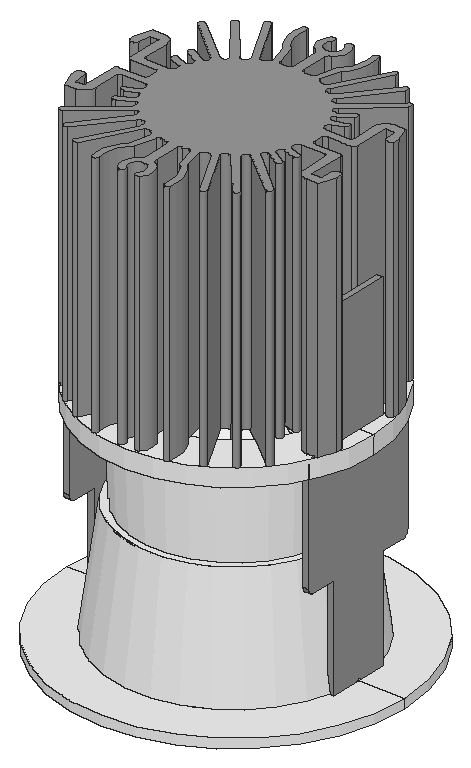
Revit family "Artemide_Everything_55", category Lighting Fixtures, Revit 2018 (continued)
Types (72, lengths in mm): name | Wattage | V_Square | V_Round | Radius_RoundVoidReal | Photometric Web File | built-in parameter 1150142 | M_Louvre | M_HousingLed | built-in parameter 1150105 | Lumens | built-in parameter 1150107 | built-in parameter 1150106 | Product Model Number | Overall Width | Overall Height | Output Lumens Direct light | Input Lumens Direct light | Initial Lumens | IES Files  | Housing Colour  | Face Shape | Efficiency | built-in parameter 1150104 | Distance_SquareVoidReal | Cut Out Length | Colour Temperature | Angle_LightReal | Angle_LightRange | Angle_Light | Adjustable
  Everything_55_Square_20°_3000K_Silver_NL4204218K002 | 8.5 W | yes | no | 0.3 | "NL4204218K002.IES" | "IESNA:LM-63-2002\r\n[TEST] FTS1500357\r\n[TESTLAB] ARTEMIDE\r\n[TESTDATE] 17 Feb 2015\r\n[ISSUEDATE] 17 Feb 2015\r\n[MANUFAC] ARTEMIDE\r\n[LUMCAT] NL4204218K002\r\n[LUMINAIRE] Everything 55 700mA square20° - cornice grigia - 3000K\r\n[FLASHAREA] 0.000233\r\n[LAMPCAT] 3000K - Imax=7991 cd/klm - LED Flux=755 lm - LED Power=8.5 W - Eff=84 % - EfcLED=89 lm/W - EfcLum=75 lm/W - Ra=80 min - SDCM=2 - Life=L70(6K)>51,400 ore\r\n[LAMP] 3000K - Imax=7991 cd/klm - LED Flux=755 lm - LED Power=8.5 W - Eff=84 % - EfcLED=89 lm/W - EfcLum=75 lm/W - Ra=80 min - SDCM=2 - Life=L70(6K)>51,400 ore\r\nTILT=NONE\r\n1 634.00 1.0 91 1 1 2 -0.035 -0.035 0.000\r\n1.00 1.00 8.50\r\n0.00 1.00 2.00 3.00 4.00 5.00 6.00 7.00 8.00 9.00 10.00 \r\n11.00 12.00 13.00 14.00 15.00 16.00 17.00 18.00 19.00 \r\n20.00 21.00 22.00 23.00 24.00 25.00 26.00 27.00 28.00 \r\n29.00 30.00 31.00 32.00 33.00 34.00 35.00 36.00 37.00 \r\n38.00 39.00 40.00 41.00 42.00 43.00 44.00 45.00 46.00 \r\n47.00 48.00 49.00 50.00 51.00 52.00 53.00 54.00 55.00 \r\n56.00 57.00 58.00 59.00 60.00 61.00 62.00 63.00 64.00 \r\n65.00 66.00 67.00 68.00 69.00 70.00 71.00 72.00 73.00 \r\n74.00 75.00 76.00 77.00 78.00 79.00 80.00 81.00 82.00 \r\n83.00 84.00 85.00 86.00 87.00 88.00 89.00 90.00 \r\n0.00 \r\n5066.58 5031.07 4915.62 4728.60 4483.87 4201.78 3894.24 \r\n3567.20 3228.87 2880.19 2529.62 2181.85 1821.91 1479.63 \r\n1158.49 881.87 651.64 469.51 333.38 233.90 163.81 115.59 \r\n83.53 62.72 48.41 37.91 30.02 23.60 18.90 15.30 12.74 \r\n10.96 9.25 7.13 5.03 3.44 2.41 2.03 1.59 1.14 0.69 0.50 \r\n0.36 0.26 0.00 0.00 0.00 0.00 0.00 0.00 0.00 0.00 0.00 \r\n0.00 0.00 0.00 0.00 0.00 0.00 0.00 0.00 0.00 0.00 0.00 \r\n0.00 0.00 0.00 0.00 0.00 0.00 0.00 0.00 0.00 0.00 0.00 \r\n0.00 0.00 0.00 0.00 0.00 0.00 0.00 0.00 0.00 0.00 0.00 \r\n0.00 0.00 0.00 0.00 0.00 \r\n" | Artemide_Aluminum_BrushedSilver | Artemide_Aluminum_BrushedSilver | 53.605 (stored number, unit not read) | 673.625 lm | 3000 (stored number, unit not read) | 0.53605 (stored number, unit not read) | "NL4204218K002" | 55 | 98 | 634 | 755 | 634 | "https://www.artemide.com/product/downloadFile/2379130/ieseu/4916760" | "Silver" | "Square" | 84 | 7.3626 (stored number, unit not read) | 40.48 | 98 | 3000 | 90.00° | 60.00° | 60.00° | no
  Everything_55_Square_34°_3000K_White_NL4204234K006 | 8.5 W | yes | no | 0.3 | "NL4204234K006.IES" | "IESNA:LM-63-2002\r\n[TEST] FTS1500355\r\n[TESTLAB] ARTEMIDE\r\n[TESTDATE] 17 Feb 2015\r\n[ISSUEDATE] 17 Feb 2015\r\n[MANUFAC] ARTEMIDE\r\n[LUMCAT] NL4204234K006\r\n[LUMINAIRE] Everything 55 700mA square34° - cornice bianca - 3000K\r\n[FLASHAREA] 0.000233\r\n[LAMPCAT] 3000K - Imax=2814 cd/klm - LED Flux=755 lm - LED Power=8.5 W - Eff=78 % - EfcLED=89 lm/W - EfcLum=69 lm/W - Ra=80 min - SDCM=2 - Life=L70(6K)>51,400 ore\r\n[LAMP] 3000K - Imax=2814 cd/klm - LED Flux=755 lm - LED Power=8.5 W - Eff=78 % - EfcLED=89 lm/W - EfcLum=69 lm/W - Ra=80 min - SDCM=2 - Life=L70(6K)>51,400 ore\r\nTILT=NONE\r\n1 589.00 1.0 91 1 1 2 -0.035 -0.035 0.000\r\n1.00 1.00 8.50\r\n0.00 1.00 2.00 3.00 4.00 5.00 6.00 7.00 8.00 9.00 10.00 \r\n11.00 12.00 13.00 14.00 15.00 16.00 17.00 18.00 19.00 \r\n20.00 21.00 22.00 23.00 24.00 25.00 26.00 27.00 28.00 \r\n29.00 30.00 31.00 32.00 33.00 34.00 35.00 36.00 37.00 \r\n38.00 39.00 40.00 41.00 42.00 43.00 44.00 45.00 46.00 \r\n47.00 48.00 49.00 50.00 51.00 52.00 53.00 54.00 55.00 \r\n56.00 57.00 58.00 59.00 60.00 61.00 62.00 63.00 64.00 \r\n65.00 66.00 67.00 68.00 69.00 70.00 71.00 72.00 73.00 \r\n74.00 75.00 76.00 77.00 78.00 79.00 80.00 81.00 82.00 \r\n83.00 84.00 85.00 86.00 87.00 88.00 89.00 90.00 \r\n0.00 \r\n1657.71 1656.22 1649.84 1636.92 1617.68 1591.87 1559.63 \r\n1519.56 1472.54 1418.01 1358.35 1292.45 1221.23 1145.68 \r\n1067.70 988.91 908.99 830.74 758.71 688.37 619.27 553.74 \r\n488.92 428.14 368.82 313.24 261.80 215.07 168.29 123.76 \r\n93.21 74.07 60.04 49.49 40.45 33.19 26.64 21.11 16.62 \r\n12.99 10.45 8.95 7.94 6.93 6.45 5.97 5.73 5.49 5.08 4.67 \r\n4.35 4.04 3.98 3.93 3.88 3.77 3.34 2.75 2.37 1.99 1.77 \r\n1.51 1.32 0.00 0.00 0.00 0.00 0.00 0.00 0.00 0.00 0.00 \r\n0.00 0.00 0.00 0.00 0.00 0.00 0.00 0.00 0.00 0.00 0.00 \r\n0.00 0.00 0.00 0.00 0.00 0.00 0.00 0.00 \r\n" | Artemide_Aluminum_White | Artemide_Aluminum_White | 49.797 (stored number, unit not read) | 625.77 lm | 3000 (stored number, unit not read) | 0.49797 (stored number, unit not read) | "NL4204234K006" | 55 | 98 | 589 | 755 | 589 | "https://www.artemide.com/product/downloadFile/2379642/ieseu/4917140" | "White" | "Square" | 78 | 6.8395 (stored number, unit not read) | 40.48 | 98 | 3000 | 90.00° | 60.00° | 60.00° | no
  Everything_55_Square_34°_3000K_Black_NL4204234K004 | 8.5 W | yes | no | 0.3 | "NL4204234K004.IES" | "IESNA:LM-63-2002\r\n[TEST] FTS1500363\r\n[TESTLAB] ARTEMIDE\r\n[TESTDATE] 16 Feb 2015\r\n[ISSUEDATE] 16 Feb 2015\r\n[MANUFAC] ARTEMIDE\r\n[LUMCAT] NL4204234K004\r\n[LUMINAIRE] Everything 55 700mA square34° - cornice nera - 3000K\r\n[FLASHAREA] 0.000233\r\n[LAMPCAT] 3000K - Imax=2862 cd/klm - LED Flux=755 lm - LED Power=8.5 W - Eff=75 % - EfcLED=89 lm/W - EfcLum=69 lm/W - Ra=80 min - SDCM=2 - Life=L70(6K)>51,400 ore\r\n[LAMP] 3000K - Imax=2862 cd/klm - LED Flux=755 lm - LED Power=8.5 W - Eff=75 % - EfcLED=89 lm/W - EfcLum=69 lm/W - Ra=80 min - SDCM=2 - Life=L70(6K)>51,400 ore\r\nTILT=NONE\r\n1 566.00 1.0 91 1 1 2 -0.035 -0.035 0.000\r\n1.00 1.00 8.50\r\n0.00 1.00 2.00 3.00 4.00 5.00 6.00 7.00 8.00 9.00 10.00 \r\n11.00 12.00 13.00 14.00 15.00 16.00 17.00 18.00 19.00 \r\n20.00 21.00 22.00 23.00 24.00 25.00 26.00 27.00 28.00 \r\n29.00 30.00 31.00 32.00 33.00 34.00 35.00 36.00 37.00 \r\n38.00 39.00 40.00 41.00 42.00 43.00 44.00 45.00 46.00 \r\n47.00 48.00 49.00 50.00 51.00 52.00 53.00 54.00 55.00 \r\n56.00 57.00 58.00 59.00 60.00 61.00 62.00 63.00 64.00 \r\n65.00 66.00 67.00 68.00 69.00 70.00 71.00 72.00 73.00 \r\n74.00 75.00 76.00 77.00 78.00 79.00 80.00 81.00 82.00 \r\n83.00 84.00 85.00 86.00 87.00 88.00 89.00 90.00 \r\n0.00 \r\n1619.92 1616.59 1613.26 1602.38 1585.79 1562.82 1533.51 \r\n1496.10 1451.37 1398.36 1339.63 1275.17 1203.93 1129.84 \r\n1051.46 971.98 893.37 816.74 743.93 673.69 606.67 541.23 \r\n477.02 417.03 358.13 302.72 251.55 203.91 155.25 113.32 \r\n85.08 66.97 53.87 43.31 34.64 27.36 20.96 15.65 11.18 \r\n7.78 5.33 3.95 2.56 1.90 1.12 0.33 0.16 0.08 0.00 0.00 \r\n0.00 0.00 0.00 0.00 0.00 0.00 0.00 0.00 0.00 0.00 0.00 \r\n0.00 0.00 0.00 0.00 0.00 0.00 0.00 0.00 0.00 0.00 0.00 \r\n0.00 0.00 0.00 0.00 0.00 0.00 0.00 0.00 0.00 0.00 0.00 \r\n0.00 0.00 0.00 0.00 0.00 0.00 0.00 0.00 \r\n" | Artemide_Aluminum_Black | Artemide_Aluminum_Black | 47.856 (stored number, unit not read) | 601.375 lm | 3000 (stored number, unit not read) | 0.47856 (stored number, unit not read) | "NL4204234K004" | 55 | 98 | 566 | 755 | 566 | "https://www.artemide.com/product/downloadFile/2379791/ieseu/4917154" | "Black" | "Square" | 75 | 6.5729 (stored number, unit not read) | 40.48 | 98 | 3000 | 90.00° | 60.00° | 60.00° | no
  Everything_55_Square_34°_3000K_Silver_NL4204234K002 | 8.5 W | yes | no | 0.3 | "NL4204234K002.IES" | "IESNA:LM-63-2002\r\n[TEST] FTS1500359\r\n[TESTLAB] ARTEMIDE\r\n[TESTDATE] 17 Feb 2015\r\n[ISSUEDATE] 17 Feb 2015\r\n[MANUFAC] ARTEMIDE\r\n[LUMCAT] NL4204234K002\r\n[LUMINAIRE] Everything 55 700mA square34° - cornice grigia - 3000K\r\n[FLASHAREA] 0.000233\r\n[LAMPCAT] 3000K - Imax=2846 cd/klm - LED Flux=755 lm - LED Power=8.5 W - Eff=77 % - EfcLED=89 lm/W - EfcLum=69 lm/W - Ra=80 min - SDCM=2 - Life=L70(6K)>51,400 ore\r\n[LAMP] 3000K - Imax=2846 cd/klm - LED Flux=755 lm - LED Power=8.5 W - Eff=77 % - EfcLED=89 lm/W - EfcLum=69 lm/W - Ra=80 min - SDCM=2 - Life=L70(6K)>51,400 ore\r\nTILT=NONE\r\n1 581.00 1.0 91 1 1 2 -0.035 -0.035 0.000\r\n1.00 1.00 8.50\r\n0.00 1.00 2.00 3.00 4.00 5.00 6.00 7.00 8.00 9.00 10.00 \r\n11.00 12.00 13.00 14.00 15.00 16.00 17.00 18.00 19.00 \r\n20.00 21.00 22.00 23.00 24.00 25.00 26.00 27.00 28.00 \r\n29.00 30.00 31.00 32.00 33.00 34.00 35.00 36.00 37.00 \r\n38.00 39.00 40.00 41.00 42.00 43.00 44.00 45.00 46.00 \r\n47.00 48.00 49.00 50.00 51.00 52.00 53.00 54.00 55.00 \r\n56.00 57.00 58.00 59.00 60.00 61.00 62.00 63.00 64.00 \r\n65.00 66.00 67.00 68.00 69.00 70.00 71.00 72.00 73.00 \r\n74.00 75.00 76.00 77.00 78.00 79.00 80.00 81.00 82.00 \r\n83.00 84.00 85.00 86.00 87.00 88.00 89.00 90.00 \r\n0.00 \r\n1653.65 1652.41 1645.54 1632.59 1613.36 1588.06 1555.63 \r\n1515.60 1468.91 1413.79 1353.80 1287.95 1216.33 1141.09 \r\n1061.78 981.55 904.21 827.43 753.50 682.87 615.86 550.15 \r\n485.55 425.47 366.46 311.02 259.90 208.46 158.69 118.67 \r\n90.32 72.40 58.98 48.43 39.54 32.05 25.60 20.22 15.51 \r\n11.99 9.35 7.63 6.15 5.55 4.95 4.46 4.20 3.82 3.44 2.96 \r\n2.54 2.26 1.98 1.84 1.69 1.31 0.86 0.00 0.00 0.00 0.00 \r\n0.00 0.00 0.00 0.00 0.00 0.00 0.00 0.00 0.00 0.00 0.00 \r\n0.00 0.00 0.00 0.00 0.00 0.00 0.00 0.00 0.00 0.00 0.00 \r\n0.00 0.00 0.00 0.00 0.00 0.00 0.00 0.00 \r\n" | Artemide_Aluminum_BrushedSilver | Artemide_Aluminum_BrushedSilver | 49.128 (stored number, unit not read) | 617.355 lm | 3000 (stored number, unit not read) | 0.49128 (stored number, unit not read) | "NL4204234K002" | 55 | 98 | 581 | 755 | 581 | "https://www.artemide.com/product/downloadFile/2379942/ieseu/4916502" | "Silver" | "Square" | 77 | 6.7475 (stored number, unit not read) | 40.48 | 98 | 3000 | 90.00° | 60.00° | 60.00° | no
  Everything_55_Square_20°_2700K_White_NL4203418Y006 | 6.4 W | yes | no | 0.3 | "NL4203418Y006.IES" | "IESNA:LM-63-2002\r\n[TEST] FTS1602942\r\n[TESTLAB] ARTEMIDE\r\n[TESTDATE] 17 Feb 2015\r\n[ISSUEDATE] 17 Feb 2015\r\n[MANUFAC] ARTEMIDE\r\n[LUMCAT] NL4203418Y006\r\n[LUMINAIRE] Everything 55 square 20° - cornice bianca - 2700K\r\n[FLASHAREA] 0.000233\r\n[LAMPCAT] LED Flux=566lm  LED Power=6,4W Eff=84% EfcLed=88lm/W EfcLum=74lm/W CCT=2700K Ra=80 SDCM=2 L70(6K)=51400h\r\n[LAMP] LED Flux=566lm  LED Power=6,4W Eff=84% EfcLed=88lm/W EfcLum=74lm/W CCT=2700K Ra=80 SDCM=2 L70(6K)=51400h\r\nTILT=NONE\r\n1 476.00 1.0 91 1 1 2 -0.035 -0.035 0.000\r\n1.00 1.00 6.40\r\n0.00 1.00 2.00 3.00 4.00 5.00 6.00 7.00 8.00 9.00 10.00 \r\n11.00 12.00 13.00 14.00 15.00 16.00 17.00 18.00 19.00 \r\n20.00 21.00 22.00 23.00 24.00 25.00 26.00 27.00 28.00 \r\n29.00 30.00 31.00 32.00 33.00 34.00 35.00 36.00 37.00 \r\n38.00 39.00 40.00 41.00 42.00 43.00 44.00 45.00 46.00 \r\n47.00 48.00 49.00 50.00 51.00 52.00 53.00 54.00 55.00 \r\n56.00 57.00 58.00 59.00 60.00 61.00 62.00 63.00 64.00 \r\n65.00 66.00 67.00 68.00 69.00 70.00 71.00 72.00 73.00 \r\n74.00 75.00 76.00 77.00 78.00 79.00 80.00 81.00 82.00 \r\n83.00 84.00 85.00 86.00 87.00 88.00 89.00 90.00 \r\n0.00 \r\n3835.70 3811.54 3722.97 3579.25 3390.25 3174.12 2937.36 \r\n2687.47 2432.02 2169.98 1904.67 1634.92 1363.71 1105.36 \r\n867.10 658.58 485.13 347.55 245.55 171.43 120.13 84.52 \r\n61.07 45.79 35.35 27.74 21.95 17.26 13.97 11.31 9.45 8.19 \r\n6.85 5.52 3.76 2.54 2.07 1.80 1.57 1.29 1.02 0.77 0.62 \r\n0.00 0.00 0.00 0.00 0.00 0.00 0.00 0.00 0.00 0.00 0.00 \r\n0.00 0.00 0.00 0.00 0.00 0.00 0.00 0.00 0.00 0.00 0.00 \r\n0.00 0.00 0.00 0.00 0.00 0.00 0.00 0.00 0.00 0.00 0.00 \r\n0.00 0.00 0.00 0.00 0.00 0.00 0.00 0.00 0.00 0.00 0.00 \r\n0.00 0.00 0.00 0.00 \r\n" | Artemide_Aluminum_White | Artemide_Aluminum_White | 40.402 (stored number, unit not read) | 507.712 lm | 2700 (stored number, unit not read) | 0.40402 (stored number, unit not read) | "NL4203418Y006" | 55 | 78 | 476 | 566 | 476 | "https://www.artemide.com/product/downloadFile/4349186/ieseu/4916805" | "White" | "Square" | 84 | 7.37 (stored number, unit not read) | 40.48 | 78 | 2700 | 90.00° | 60.00° | 60.00° | no
  Everything_55_Square_20°_2700K_Black_NL4203418Y004 | 6.4 W | yes | no | 0.3 | "NL4203418Y004.IES" | "IESNA:LM-63-2002\r\n[TEST] FTS1602946\r\n[TESTLAB] ARTEMIDE\r\n[TESTDATE] 17 Feb 2015\r\n[ISSUEDATE] 17 Feb 2015\r\n[MANUFAC] ARTEMIDE\r\n[LUMCAT] NL4203418Y004\r\n[LUMINAIRE] Everything 55 square 20° - cornice nera - 2700K\r\n[FLASHAREA] 0.000233\r\n[LAMPCAT] LED Flux=566lm  LED Power=6,4W Eff=84% EfcLed=88lm/W EfcLum=74lm/W CCT=2700K Ra=80 SDCM=2 L70(6K)=51400h\r\n[LAMP] LED Flux=566lm  LED Power=6,4W Eff=84% EfcLed=88lm/W EfcLum=74lm/W CCT=2700K Ra=80 SDCM=2 L70(6K)=51400h\r\nTILT=NONE\r\n1 476.00 1.0 91 1 1 2 -0.035 -0.035 0.000\r\n1.00 1.00 6.40\r\n0.00 1.00 2.00 3.00 4.00 5.00 6.00 7.00 8.00 9.00 10.00 \r\n11.00 12.00 13.00 14.00 15.00 16.00 17.00 18.00 19.00 \r\n20.00 21.00 22.00 23.00 24.00 25.00 26.00 27.00 28.00 \r\n29.00 30.00 31.00 32.00 33.00 34.00 35.00 36.00 37.00 \r\n38.00 39.00 40.00 41.00 42.00 43.00 44.00 45.00 46.00 \r\n47.00 48.00 49.00 50.00 51.00 52.00 53.00 54.00 55.00 \r\n56.00 57.00 58.00 59.00 60.00 61.00 62.00 63.00 64.00 \r\n65.00 66.00 67.00 68.00 69.00 70.00 71.00 72.00 73.00 \r\n74.00 75.00 76.00 77.00 78.00 79.00 80.00 81.00 82.00 \r\n83.00 84.00 85.00 86.00 87.00 88.00 89.00 90.00 \r\n0.00 \r\n3804.41 3779.31 3694.65 3555.82 3372.96 3163.70 2936.04 \r\n2691.09 2438.59 2176.71 1913.39 1645.46 1372.95 1115.63 \r\n874.60 665.28 491.52 352.56 249.13 173.83 121.32 85.07 \r\n60.84 45.29 34.43 26.66 20.72 15.85 12.46 9.87 7.98 6.60 \r\n5.31 3.63 2.13 0.79 0.41 0.20 0.10 0.00 0.00 0.00 0.00 \r\n0.00 0.00 0.00 0.00 0.00 0.00 0.00 0.00 0.00 0.00 0.00 \r\n0.00 0.00 0.00 0.00 0.00 0.00 0.00 0.00 0.00 0.00 0.00 \r\n0.00 0.00 0.00 0.00 0.00 0.00 0.00 0.00 0.00 0.00 0.00 \r\n0.00 0.00 0.00 0.00 0.00 0.00 0.00 0.00 0.00 0.00 0.00 \r\n0.00 0.00 0.00 0.00 \r\n" | Artemide_Aluminum_Black | Artemide_Aluminum_Black | 40.402 (stored number, unit not read) | 507.712 lm | 2700 (stored number, unit not read) | 0.40402 (stored number, unit not read) | "NL4203418Y004" | 55 | 78 | 476 | 566 | 476 | "https://www.artemide.com/product/downloadFile/4349384/ieseu/4917075" | "Black" | "Square" | 84 | 7.37 (stored number, unit not read) | 40.48 | 78 | 2700 | 90.00° | 60.00° | 60.00° | no
  Everything_55_Square_20°_2700K_Silver_NL4203418Y002 | 6.4 W | yes | no | 0.3 | "NL4203418Y002.IES" | "IESNA:LM-63-2002\r\n[TEST] FTS1602944\r\n[TESTLAB] ARTEMIDE\r\n[TESTDATE] 17 Feb 2015\r\n[ISSUEDATE] 17 Feb 2015\r\n[MANUFAC] ARTEMIDE\r\n[LUMCAT] NL4203418Y002\r\n[LUMINAIRE] Everything 55 square 20° - cornice grigia - 2700K\r\n[FLASHAREA] 0.000233\r\n[LAMPCAT] LED Flux=566lm  LED Power=6,4W Eff=84% EfcLed=88lm/W EfcLum=74lm/W CCT=2700K Ra=80 SDCM=2 L70(6K)=51400h\r\n[LAMP] LED Flux=566lm  LED Power=6,4W Eff=84% EfcLed=88lm/W EfcLum=74lm/W CCT=2700K Ra=80 SDCM=2 L70(6K)=51400h\r\nTILT=NONE\r\n1 476.00 1.0 91 1 1 2 -0.035 -0.035 0.000\r\n1.00 1.00 6.40\r\n0.00 1.00 2.00 3.00 4.00 5.00 6.00 7.00 8.00 9.00 10.00 \r\n11.00 12.00 13.00 14.00 15.00 16.00 17.00 18.00 19.00 \r\n20.00 21.00 22.00 23.00 24.00 25.00 26.00 27.00 28.00 \r\n29.00 30.00 31.00 32.00 33.00 34.00 35.00 36.00 37.00 \r\n38.00 39.00 40.00 41.00 42.00 43.00 44.00 45.00 46.00 \r\n47.00 48.00 49.00 50.00 51.00 52.00 53.00 54.00 55.00 \r\n56.00 57.00 58.00 59.00 60.00 61.00 62.00 63.00 64.00 \r\n65.00 66.00 67.00 68.00 69.00 70.00 71.00 72.00 73.00 \r\n74.00 75.00 76.00 77.00 78.00 79.00 80.00 81.00 82.00 \r\n83.00 84.00 85.00 86.00 87.00 88.00 89.00 90.00 \r\n0.00 \r\n3803.93 3777.27 3690.60 3550.18 3366.44 3154.65 2923.75 \r\n2678.21 2424.20 2162.42 1899.21 1638.11 1367.87 1110.89 \r\n869.78 662.10 489.25 352.51 250.30 175.61 122.98 86.78 \r\n62.72 47.09 36.35 28.46 22.54 17.72 14.19 11.49 9.56 8.23 \r\n6.95 5.35 3.78 2.58 1.81 1.53 1.19 0.85 0.52 0.37 0.27 \r\n0.20 0.00 0.00 0.00 0.00 0.00 0.00 0.00 0.00 0.00 0.00 \r\n0.00 0.00 0.00 0.00 0.00 0.00 0.00 0.00 0.00 0.00 0.00 \r\n0.00 0.00 0.00 0.00 0.00 0.00 0.00 0.00 0.00 0.00 0.00 \r\n0.00 0.00 0.00 0.00 0.00 0.00 0.00 0.00 0.00 0.00 0.00 \r\n0.00 0.00 0.00 0.00 \r\n" | Artemide_Aluminum_BrushedSilver | Artemide_Aluminum_BrushedSilver | 40.402 (stored number, unit not read) | 507.712 lm | 2700 (stored number, unit not read) | 0.40402 (stored number, unit not read) | "NL4203418Y002" | 55 | 78 | 476 | 566 | 476 | "https://www.artemide.com/product/downloadFile/4349582/ieseu/4917084" | "Silver" | "Square" | 84 | 7.37 (stored number, unit not read) | 40.48 | 78 | 2700 | 90.00° | 60.00° | 60.00° | no
  Everything_55_Square_34°_2700K_White_NL4203434Y006 | 6.4 W | yes | no | 0.3 | "NL4203434Y006.IES" | "IESNA:LM-63-2002\r\n[TEST] FTS1602943\r\n[TESTLAB] ARTEMIDE\r\n[TESTDATE] 17 Feb 2015\r\n[ISSUEDATE] 17 Feb 2015\r\n[MANUFAC] ARTEMIDE\r\n[LUMCAT] NL4203434Y006\r\n[LUMINAIRE] Everything 55 square 34° - cornice bianca - 2700K\r\n[FLASHAREA] 0.000233\r\n[LAMPCAT] LED Flux=566lm  LED Power=6,4W Eff=78% EfcLed=88lm/W EfcLum=69lm/W CCT=2700K Ra=80 SDCM=2 L70(6K)=51400h\r\n[LAMP] LED Flux=566lm  LED Power=6,4W Eff=78% EfcLed=88lm/W EfcLum=69lm/W CCT=2700K Ra=80 SDCM=2 L70(6K)=51400h\r\nTILT=NONE\r\n1 442.00 1.0 91 1 1 2 -0.035 -0.035 0.000\r\n1.00 1.00 6.40\r\n0.00 1.00 2.00 3.00 4.00 5.00 6.00 7.00 8.00 9.00 10.00 \r\n11.00 12.00 13.00 14.00 15.00 16.00 17.00 18.00 19.00 \r\n20.00 21.00 22.00 23.00 24.00 25.00 26.00 27.00 28.00 \r\n29.00 30.00 31.00 32.00 33.00 34.00 35.00 36.00 37.00 \r\n38.00 39.00 40.00 41.00 42.00 43.00 44.00 45.00 46.00 \r\n47.00 48.00 49.00 50.00 51.00 52.00 53.00 54.00 55.00 \r\n56.00 57.00 58.00 59.00 60.00 61.00 62.00 63.00 64.00 \r\n65.00 66.00 67.00 68.00 69.00 70.00 71.00 72.00 73.00 \r\n74.00 75.00 76.00 77.00 78.00 79.00 80.00 81.00 82.00 \r\n83.00 84.00 85.00 86.00 87.00 88.00 89.00 90.00 \r\n0.00 \r\n1243.99 1242.87 1238.08 1228.38 1213.95 1194.58 1170.39 \r\n1140.32 1105.03 1064.11 1019.34 969.89 916.44 859.74 \r\n801.23 742.10 682.13 623.41 569.35 516.57 464.71 415.54 \r\n366.89 321.28 276.77 235.06 196.46 161.39 126.29 92.87 \r\n69.95 55.58 45.06 37.14 30.36 24.91 19.99 15.84 12.47 \r\n9.75 7.84 6.72 5.96 5.20 4.84 4.48 4.30 4.12 3.81 3.51 \r\n3.27 3.03 2.99 2.95 2.91 2.83 2.51 2.06 1.78 1.49 1.33 \r\n1.13 0.99 0.00 0.00 0.00 0.00 0.00 0.00 0.00 0.00 0.00 \r\n0.00 0.00 0.00 0.00 0.00 0.00 0.00 0.00 0.00 0.00 0.00 \r\n0.00 0.00 0.00 0.00 0.00 0.00 0.00 0.00 \r\n" | Artemide_Aluminum_White | Artemide_Aluminum_White | 37.011 (stored number, unit not read) | 465.088 lm | 2700 (stored number, unit not read) | 0.37011 (stored number, unit not read) | "NL4203434Y006" | 55 | 78 | 442 | 566 | 442 | "https://www.artemide.com/product/downloadFile/4349800/ieseu/4917174" | "White" | "Square" | 77 | 6.7513 (stored number, unit not read) | 40.48 | 78 | 2700 | 90.00° | 60.00° | 60.00° | no
  Everything_55_Square_34°_2700K_Black_NL4203434Y004 | 6.4 W | yes | no | 0.3 | "NL4203434Y004.IES" | "IESNA:LM-63-2002\r\n[TEST] FTS1602947\r\n[TESTLAB] ARTEMIDE\r\n[TESTDATE] 16 Feb 2015\r\n[ISSUEDATE] 16 Feb 2015\r\n[MANUFAC] ARTEMIDE\r\n[LUMCAT] NL4203434Y004\r\n[LUMINAIRE] Everything 55 square 34° - cornice nera - 2700K\r\n[FLASHAREA] 0.000233\r\n[LAMPCAT] LED Flux=566lm  LED Power=6,4W Eff=75% EfcLed=88lm/W EfcLum=66lm/W CCT=2700K Ra=80 SDCM=2 L70(6K)=51400h\r\n[LAMP] LED Flux=566lm  LED Power=6,4W Eff=75% EfcLed=88lm/W EfcLum=66lm/W CCT=2700K Ra=80 SDCM=2 L70(6K)=51400h\r\nTILT=NONE\r\n1 425.00 1.0 91 1 1 2 -0.035 -0.035 0.000\r\n1.00 1.00 6.40\r\n0.00 1.00 2.00 3.00 4.00 5.00 6.00 7.00 8.00 9.00 10.00 \r\n11.00 12.00 13.00 14.00 15.00 16.00 17.00 18.00 19.00 \r\n20.00 21.00 22.00 23.00 24.00 25.00 26.00 27.00 28.00 \r\n29.00 30.00 31.00 32.00 33.00 34.00 35.00 36.00 37.00 \r\n38.00 39.00 40.00 41.00 42.00 43.00 44.00 45.00 46.00 \r\n47.00 48.00 49.00 50.00 51.00 52.00 53.00 54.00 55.00 \r\n56.00 57.00 58.00 59.00 60.00 61.00 62.00 63.00 64.00 \r\n65.00 66.00 67.00 68.00 69.00 70.00 71.00 72.00 73.00 \r\n74.00 75.00 76.00 77.00 78.00 79.00 80.00 81.00 82.00 \r\n83.00 84.00 85.00 86.00 87.00 88.00 89.00 90.00 \r\n0.00 \r\n1216.37 1213.87 1211.37 1203.20 1190.75 1173.50 1151.49 \r\n1123.39 1089.81 1050.01 1005.91 957.51 904.01 848.38 \r\n789.52 729.84 670.82 613.28 558.60 505.86 455.53 406.40 \r\n358.19 313.14 268.91 227.31 188.89 153.11 116.57 85.09 \r\n63.89 50.28 40.45 32.52 26.01 20.55 15.74 11.75 8.40 5.84 \r\n4.00 2.96 1.93 1.43 0.84 0.25 0.12 0.06 0.00 0.00 0.00 \r\n0.00 0.00 0.00 0.00 0.00 0.00 0.00 0.00 0.00 0.00 0.00 \r\n0.00 0.00 0.00 0.00 0.00 0.00 0.00 0.00 0.00 0.00 0.00 \r\n0.00 0.00 0.00 0.00 0.00 0.00 0.00 0.00 0.00 0.00 0.00 \r\n0.00 0.00 0.00 0.00 0.00 0.00 0.00 \r\n" | Artemide_Aluminum_Black | Artemide_Aluminum_Black | 37.011 (stored number, unit not read) | 465.088 lm | 2700 (stored number, unit not read) | 0.37011 (stored number, unit not read) | "NL4203434Y004" | 55 | 78 | 425 | 566 | 425 | "https://www.artemide.com/product/downloadFile/4349998/ieseu/4916533" | "Black" | "Square" | 77 | 6.7513 (stored number, unit not read) | 40.48 | 78 | 2700 | 90.00° | 60.00° | 60.00° | no
  Everything_55_Square_34°_2700K_Silver_NL4203434Y002 | 6.4 W | yes | no | 0.3 | "NL4203434Y002.IES" | "IESNA:LM-63-2002\r\n[TEST] FTS1602945\r\n[TESTLAB] ARTEMIDE\r\n[TESTDATE] 17 Feb 2015\r\n[ISSUEDATE] 17 Feb 2015\r\n[MANUFAC] ARTEMIDE\r\n[LUMCAT] NL4203434Y002\r\n[LUMINAIRE] Everything 55 square 34° - cornice grigia - 2700K\r\n[FLASHAREA] 0.000233\r\n[LAMPCAT] LED Flux=566lm  LED Power=6,4W Eff=77% EfcLed=88lm/W EfcLum=68lm/W CCT=2700K Ra=80 SDCM=2 L70(6K)=51400h\r\n[LAMP] LED Flux=566lm  LED Power=6,4W Eff=77% EfcLed=88lm/W EfcLum=68lm/W CCT=2700K Ra=80 SDCM=2 L70(6K)=51400h\r\nTILT=NONE\r\n1 436.00 1.0 91 1 1 2 -0.035 -0.035 0.000\r\n1.00 1.00 6.40\r\n0.00 1.00 2.00 3.00 4.00 5.00 6.00 7.00 8.00 9.00 10.00 \r\n11.00 12.00 13.00 14.00 15.00 16.00 17.00 18.00 19.00 \r\n20.00 21.00 22.00 23.00 24.00 25.00 26.00 27.00 28.00 \r\n29.00 30.00 31.00 32.00 33.00 34.00 35.00 36.00 37.00 \r\n38.00 39.00 40.00 41.00 42.00 43.00 44.00 45.00 46.00 \r\n47.00 48.00 49.00 50.00 51.00 52.00 53.00 54.00 55.00 \r\n56.00 57.00 58.00 59.00 60.00 61.00 62.00 63.00 64.00 \r\n65.00 66.00 67.00 68.00 69.00 70.00 71.00 72.00 73.00 \r\n74.00 75.00 76.00 77.00 78.00 79.00 80.00 81.00 82.00 \r\n83.00 84.00 85.00 86.00 87.00 88.00 89.00 90.00 \r\n0.00 \r\n1240.95 1240.02 1234.86 1225.15 1210.71 1191.73 1167.39 \r\n1137.35 1102.31 1060.95 1015.93 966.51 912.77 856.31 \r\n796.79 736.59 678.55 620.93 565.45 512.44 462.16 412.85 \r\n364.37 319.29 275.00 233.40 195.04 156.43 119.09 89.05 \r\n67.78 54.33 44.26 36.34 29.67 24.05 19.21 15.18 11.64 \r\n9.00 7.01 5.73 4.62 4.16 3.71 3.35 3.15 2.86 2.58 2.22 \r\n1.91 1.70 1.49 1.38 1.27 0.99 0.65 0.00 0.00 0.00 0.00 \r\n0.00 0.00 0.00 0.00 0.00 0.00 0.00 0.00 0.00 0.00 0.00 \r\n0.00 0.00 0.00 0.00 0.00 0.00 0.00 0.00 0.00 0.00 0.00 \r\n0.00 0.00 0.00 0.00 0.00 0.00 0.00 0.00 \r\n" | Artemide_Aluminum_BrushedSilver | Artemide_Aluminum_BrushedSilver | 37.011 (stored number, unit not read) | 465.088 lm | 2700 (stored number, unit not read) | 0.37011 (stored number, unit not read) | "NL4203434Y002" | 55 | 78 | 436 | 566 | 436 | "https://www.artemide.com/product/downloadFile/4350196/ieseu/4916678" | "Silver" | "Square" | 77 | 6.7513 (stored number, unit not read) | 40.48 | 78 | 2700 | 90.00° | 60.00° | 60.00° | no
  Everything_55_Square_20°_2700K_White_NL4204218Y006 | 8.5 W | yes | no | 0.3 | "NL4204218Y006.IES" | "IESNA:LM-63-2002\r\n[TEST] FTS1602966\r\n[TESTLAB] ARTEMIDE\r\n[TESTDATE] 17 Feb 2015\r\n[ISSUEDATE] 17 Feb 2015\r\n[MANUFAC] ARTEMIDE\r\n[LUMCAT] NL4204218Y006\r\n[LUMINAIRE] Everything 55 700mA square20° - cornice bianca - 2700K\r\n[FLASHAREA] 0.000233\r\n[LAMPCAT] LED Flux=755lm  LED Power=8,5W Eff=84% EfcLed=89lm/W EfcLum=75lm/W CCT=2700K Ra=80 SDCM=2 L70(6K)=51400h\r\n[LAMP] LED Flux=755lm  LED Power=8,5W Eff=84% EfcLed=89lm/W EfcLum=75lm/W CCT=2700K Ra=80 SDCM=2 L70(6K)=51400h\r\nTILT=NONE\r\n1 634.00 1.0 91 1 1 2 -0.035 -0.035 0.000\r\n1.00 1.00 8.50\r\n0.00 1.00 2.00 3.00 4.00 5.00 6.00 7.00 8.00 9.00 10.00 \r\n11.00 12.00 13.00 14.00 15.00 16.00 17.00 18.00 19.00 \r\n20.00 21.00 22.00 23.00 24.00 25.00 26.00 27.00 28.00 \r\n29.00 30.00 31.00 32.00 33.00 34.00 35.00 36.00 37.00 \r\n38.00 39.00 40.00 41.00 42.00 43.00 44.00 45.00 46.00 \r\n47.00 48.00 49.00 50.00 51.00 52.00 53.00 54.00 55.00 \r\n56.00 57.00 58.00 59.00 60.00 61.00 62.00 63.00 64.00 \r\n65.00 66.00 67.00 68.00 69.00 70.00 71.00 72.00 73.00 \r\n74.00 75.00 76.00 77.00 78.00 79.00 80.00 81.00 82.00 \r\n83.00 84.00 85.00 86.00 87.00 88.00 89.00 90.00 \r\n0.00 \r\n5108.89 5076.72 4958.75 4767.33 4515.59 4227.71 3912.36 \r\n3579.53 3239.28 2890.27 2536.89 2177.61 1816.37 1472.26 \r\n1154.92 877.18 646.17 462.92 327.05 228.33 160.01 112.58 \r\n81.35 60.99 47.09 36.94 29.24 22.99 18.61 15.07 12.58 \r\n10.91 9.13 7.36 5.01 3.39 2.75 2.40 2.09 1.72 1.36 1.03 \r\n0.83 0.00 0.00 0.00 0.00 0.00 0.00 0.00 0.00 0.00 0.00 \r\n0.00 0.00 0.00 0.00 0.00 0.00 0.00 0.00 0.00 0.00 0.00 \r\n0.00 0.00 0.00 0.00 0.00 0.00 0.00 0.00 0.00 0.00 0.00 \r\n0.00 0.00 0.00 0.00 0.00 0.00 0.00 0.00 0.00 0.00 0.00 \r\n0.00 0.00 0.00 0.00 0.00 \r\n" | Artemide_Aluminum_White | Artemide_Aluminum_White | 53.605 (stored number, unit not read) | 673.625 lm | 2700 (stored number, unit not read) | 0.53605 (stored number, unit not read) | "NL4204218Y006" | 55 | 98 | 634 | 755 | 634 | "https://www.artemide.com/product/downloadFile/4350394/ieseu/4916633" | "White" | "Square" | 84 | 7.3626 (stored number, unit not read) | 40.48 | 98 | 2700 | 90.00° | 60.00° | 60.00° | no
  Everything_55_Square_20°_2700K_Black_NL4204218Y004 | 8.5 W | yes | no | 0.3 | "NL4204218Y004.IES" | "IESNA:LM-63-2002\r\n[TEST] FTS1602970\r\n[TESTLAB] ARTEMIDE\r\n[TESTDATE] 17 Feb 2015\r\n[ISSUEDATE] 17 Feb 2015\r\n[MANUFAC] ARTEMIDE\r\n[LUMCAT] NL4204218Y004\r\n[LUMINAIRE] Everything 55 700mA square20° - cornice nera - 2700K\r\n[FLASHAREA] 0.000233\r\n[LAMPCAT] LED Flux=755lm  LED Power=8,5W Eff=84% EfcLed=89lm/W EfcLum=75lm/W CCT=2700K Ra=80 SDCM=2 L70(6K)=51400h\r\n[LAMP] LED Flux=755lm  LED Power=8,5W Eff=84% EfcLed=89lm/W EfcLum=75lm/W CCT=2700K Ra=80 SDCM=2 L70(6K)=51400h\r\nTILT=NONE\r\n1 634.00 1.0 91 1 1 2 -0.035 -0.035 0.000\r\n1.00 1.00 8.50\r\n0.00 1.00 2.00 3.00 4.00 5.00 6.00 7.00 8.00 9.00 10.00 \r\n11.00 12.00 13.00 14.00 15.00 16.00 17.00 18.00 19.00 \r\n20.00 21.00 22.00 23.00 24.00 25.00 26.00 27.00 28.00 \r\n29.00 30.00 31.00 32.00 33.00 34.00 35.00 36.00 37.00 \r\n38.00 39.00 40.00 41.00 42.00 43.00 44.00 45.00 46.00 \r\n47.00 48.00 49.00 50.00 51.00 52.00 53.00 54.00 55.00 \r\n56.00 57.00 58.00 59.00 60.00 61.00 62.00 63.00 64.00 \r\n65.00 66.00 67.00 68.00 69.00 70.00 71.00 72.00 73.00 \r\n74.00 75.00 76.00 77.00 78.00 79.00 80.00 81.00 82.00 \r\n83.00 84.00 85.00 86.00 87.00 88.00 89.00 90.00 \r\n0.00 \r\n5067.21 5033.78 4921.03 4736.11 4492.55 4213.83 3910.61 \r\n3584.35 3248.04 2899.23 2548.50 2191.64 1828.68 1485.95 \r\n1164.91 886.11 654.67 469.59 331.83 231.54 161.59 113.31 \r\n81.03 60.32 45.86 35.50 27.60 21.12 16.59 13.15 10.62 \r\n8.79 7.07 4.83 2.83 1.06 0.54 0.27 0.14 0.00 0.00 0.00 \r\n0.00 0.00 0.00 0.00 0.00 0.00 0.00 0.00 0.00 0.00 0.00 \r\n0.00 0.00 0.00 0.00 0.00 0.00 0.00 0.00 0.00 0.00 0.00 \r\n0.00 0.00 0.00 0.00 0.00 0.00 0.00 0.00 0.00 0.00 0.00 \r\n0.00 0.00 0.00 0.00 0.00 0.00 0.00 0.00 0.00 0.00 0.00 \r\n0.00 0.00 0.00 0.00 0.00 \r\n" | Artemide_Aluminum_Black | Artemide_Aluminum_Black | 53.605 (stored number, unit not read) | 673.625 lm | 2700 (stored number, unit not read) | 0.53605 (stored number, unit not read) | "NL4204218Y004" | 55 | 98 | 634 | 755 | 634 | "https://www.artemide.com/product/downloadFile/4350592/ieseu/4916847" | "Black" | "Square" | 84 | 7.3626 (stored number, unit not read) | 40.48 | 98 | 2700 | 90.00° | 60.00° | 60.00° | no
